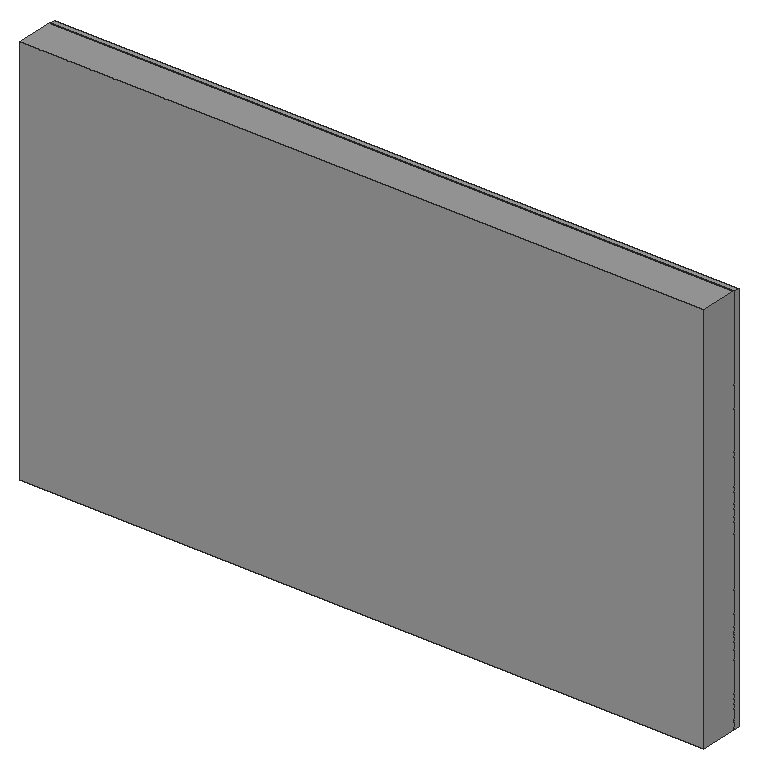
Revit family "Pluraluce M LED 1-s Sentr (skrått 45 grader ned mot høyre_veggmontasje)", category Lighting Fixtures, Revit 2013
Parameters (values of type "20m")
  Width = 10 mm
  Wattage Comments = "17 W"
  Wattage = 9.2903 W
  built-in parameter 1150110 = 1 (stored number, unit not read)
  Voltage = 230 V
  URL = ""
  built-in parameter 1114217 = 1 (stored number, unit not read)
  Tilt Angle = 90.00°
  built-in parameter 1150109 = 1 (stored number, unit not read)
  built-in parameter 1150134 = 3
  Symbol Positive Direction [instance] = yes
  Symbol Offset Side [instance] = 0 mm
  Symbol Offset Out [instance] = 0 mm
  built-in parameter 1150113 = 1 (stored number, unit not read)
  Reference Line Out [instance] = 50 mm
  Photometric Web File = "20x42A12.ies"
  Number of Poles = 1
  built-in parameter 1150105 = 109.82 (stored number, unit not read)
  Lumens = 1380 lm
  built-in parameter 1150115 = 1 (stored number, unit not read)
  Load Classification [instance] = Other
  Model = ""
  Manufacturer = ""
  built-in parameter 1150137 = (empty or 0)
  built-in parameter 1150139 = (empty or 0)
  Length 1 = Length - 30 mm  # 205 mm
  Length = 235 mm
  built-in parameter 1150112 = 1 (stored number, unit not read)
  built-in parameter 1150114 = 1 (stored number, unit not read)
  Lamp = "1"
  built-in parameter 1150132 = (empty or 0)
  built-in parameter 1150102 = (empty or 0)
  built-in parameter 1150107 = 3200 (stored number, unit not read)
  built-in parameter 1150138 = (empty or 0)
  built-in parameter 1150106 = 1.0982 (stored number, unit not read)
  Height 1 = Height - 30 mm  # 105 mm
  Height = 135 mm
  Emit from Rectangle Width = Height  # 135 mm
  Emit from Rectangle Length = Length  # 235 mm
  Emit Shape Visible in Rendering = no
  built-in parameter 1150104 = 13.8 (stored number, unit not read)
  Dimming Lamp Color Temperature Shift = <None>
  Description = ""
  Color Filter = 16777215
  Body Material and Colour = Default
  built-in parameter 1114218 = 1 (stored number, unit not read)
  built-in parameter 1150133 = 10 (stored number, unit not read)
  Assembly Code = ""
  Apparent Load = 17 VA
  30m = no
  20m = yes
Types (2, lengths in mm): name | Reference Line Out | Length 1 | Length | Height 1 | Height | Emit from Rectangle Width | Emit from Rectangle Length | 30m | 20m
  20m | 50 | 205 | 235 | 105 | 135 | 135 | 235 | no | yes
  30m | 139.852 | 305 | 335 | 155 | 185 | 185 | 335 | yes | no
Reference planes
  plane 1 "Light Source Axis (F/B)": y = 119.961
  plane 2 "Top": z = 83
  plane 3 "Light Source Axis (L/R)": x = 0
  plane 4 "Level": z = 0
  plane 5 "Bottom": z = -135
  plane 6: x = -117.5
  plane 7: x = 117.5
  plane 8: y = 132.961
  plane 9: y = 134.961
  plane 10: z = -15
  plane 11: x = -102.5
  plane 12: x = 102.5
  plane 13: z = -67.5
  plane 14: z = -120
Forms (mm)
  Extrusion 1, solid, material "Default" <- "Body Material and Colour"
    sketch origin (0, 119.961, 0) x (1, 0, 0) y (0, 0, 1)
      loop
        line (-117.5, 0) -> (-117.5, -135) -> (117.5, -135) -> (117.5, 0) -> (-117.5, 0)
    from 0 to -13
  Extrusion 2, solid, material "Default" <- "Body Material and Colour"
    sketch origin (0, 119.961, 0) x (1, 0, 0) y (0, 0, 1)
      loop
        line (-117.5, 0) -> (-117.5, -135) -> (117.5, -135) -> (117.5, 0) -> (-117.5, 0)
      loop
        line (-102.5, -15) -> (-102.5, -120) -> (102.5, -120) -> (102.5, -15) -> (-102.5, -15)
    from -15 to -13
Lines and regions (mm)
  model lines, style "InvisibleLines"
    curve 1: line (0, 119.961, 0) -> (0, 169.961, 0)
Dimensions and locks
  equal spacing: plane 6, plane 3 "Light Source Axis (L/R)", plane 7
  "Length": plane 6 to plane 7
  plane 8 to plane 1 "Light Source Axis (F/B)" = 13 mm
  locked: plane 9 to plane 8 at 2
  equal spacing: plane 4 "Level", plane 13, plane 5 "Bottom"
  "Height": plane 4 "Level" to plane 5 "Bottom"
  equal spacing: plane 11, plane 3 "Light Source Axis (L/R)", plane 12
  "Length 1": plane 11 to plane 12
  equal spacing: plane 10, plane 13, plane 14
  "Height 1": plane 10 to plane 14
  locked: plane 1 "Light Source Axis (F/B)" to plane 9 at 15
  "Reference Line Out": plane 1 "Light Source Axis (F/B)" to curve 1
  aligned and locked: plane 4 "Level" to level
  aligned and locked: plane 8 to nested 2
  aligned and locked: nested 2 to plane 13
  aligned and locked: plane 3 "Light Source Axis (L/R)" to nested 3
  aligned and locked: plane 1 "Light Source Axis (F/B)" to nested 3
  aligned and locked: plane 8 to nested 1
  aligned and locked: plane 4 "Level" to Extrusion 1 sketch curve
  aligned and locked: plane 6 to Extrusion 1 sketch curve
  aligned and locked: plane 5 "Bottom" to Extrusion 1 sketch curve
  aligned and locked: Extrusion 1 sketch curve to plane 7
  aligned and locked: Extrusion 1 to plane 8
  aligned and locked: plane 1 "Light Source Axis (F/B)" to Extrusion 1
  aligned and locked: plane 4 "Level" to Extrusion 2 sketch curve
  aligned and locked: Extrusion 2 sketch curve to plane 7
  aligned and locked: plane 5 "Bottom" to Extrusion 2 sketch curve
  aligned and locked: plane 6 to Extrusion 2 sketch curve
  aligned and locked: Extrusion 2 sketch curve to plane 10
  aligned and locked: plane 11 to Extrusion 2 sketch curve
  aligned and locked: plane 14 to Extrusion 2 sketch curve
  aligned and locked: Extrusion 2 sketch curve to plane 12
  aligned and locked: plane 8 to Extrusion 2
  aligned and locked: Extrusion 2 to plane 9
  aligned and locked: nested 1 to plane 13
  aligned and locked: plane 13 to imposter light
  aligned and locked: imposter light to plane 9
  aligned and locked: plane 1 "Light Source Axis (F/B)" to curve 1
  aligned and locked: plane 3 "Light Source Axis (L/R)" to curve 1
Nested families
  nested 1: "20m_skrått 45 grader ned mot høyre" at (0, 132.961, -67.5), visible <- "20m", type "20m"
  nested 2: "30m_skrått 45 grader ned mot høyre" at (0, 132.961, -67.5), visible <- "30m", type "30m"
  nested 3: "MarkeringslysS" at (0, 119.961, 0), type "Type 1"
Connectors
  electrical at (0, 119.961, 0), driven by "Number of Poles", driven by "Voltage", driven by "Apparent Load", driven by "Load Classification"
    settings: index 1, voltage 230 V, apparent load 0 VA, apparent load phase1 17 VA, apparent load phase2 0 VA, apparent load phase3 0 VA, power factor 1, load classification "Other", number of poles 1, system type 31, power factor state 1, is connector primary yes, connector utility no, sub classification motor no, connector description ""
Definition of nested family "20m_skrått 45 grader ned mot høyre"
  Parameters (values of type "20m")
    Material = yes
    L = 205 mm
    H = 135 mm
  Reference planes
    plane 1 "Center (Front/Back)": y = 0
    plane 2: z = 0
    plane 3 "Center (Left/Right)": x = 0
    plane 4: y = -2
  Forms (mm)
    Extrusion 1, solid, material "Green", visible <- "Material"
      sketch origin (453.48, 0, -265.275) x (1, 0, 0) y (0, 0, 1)
        loop
          line (-555.98, 317.775) -> (-555.98, 212.775) -> (-350.98, 212.775) -> (-350.98, 317.775) -> (-555.98, 317.775)
        loop
          line (-492.493, 242.294) -> (-484.382, 250.405) -> (-503.308, 250.405) -> (-469.512, 284.2) -> (-477.623, 292.311) -> (-511.419, 258.516) -> (-511.419, 277.441) -> (-519.53, 269.33) -> (-519.53, 242.294) -> (-492.493, 242.294)
        loop
          circle (-437.193, 303.483) r 7
        loop
          line (-431.459, 291.17) -> (-435.11, 287.519) -> (-431.017, 280.43) -> (-442.639, 270.677)
          arc (-442.639, 270.677) -> (-443.324, 269.361) -> (-442.878, 267.946) r 1.939
          line (-442.878, 267.946) -> (-441.216, 265.965)
          arc (-441.216, 265.965) -> (-439.9, 265.28) -> (-438.485, 265.726) r 1.939
          line (-438.485, 265.726) -> (-427.735, 274.746) -> (-422.813, 266.22) -> (-434.103, 256.746) -> (-434.103, 225.892)
          arc (-434.103, 225.892) -> (-433.157, 223.607) -> (-430.872, 222.661) r 3.232
          line (-430.872, 222.661) -> (-427.64, 222.661)
          arc (-427.64, 222.661) -> (-425.355, 223.607) -> (-424.409, 225.892) r 3.232
          line (-424.409, 225.892) -> (-424.409, 252.226) -> (-417.891, 257.695) -> (-412.727, 248.752) -> (-379.165, 248.752)
          arc (-379.165, 248.752) -> (-376.88, 249.699) -> (-375.934, 251.984) r 3.232
          line (-375.934, 251.984) -> (-375.934, 255.215)
          arc (-375.934, 255.215) -> (-376.88, 257.5) -> (-379.165, 258.447) r 3.232
          line (-379.165, 258.447) -> (-395.935, 258.447) -> (-412.211, 286.638) -> (-395.394, 283.363) -> (-389.337, 272.872)
          arc (-389.337, 272.872) -> (-388.11, 271.956) -> (-386.602, 272.215) r 1.939
          line (-386.602, 272.215) -> (-384.363, 273.669)
          arc (-384.363, 273.669) -> (-383.522, 274.892) -> (-383.792, 276.351) r 1.939
          line (-383.792, 276.351) -> (-392.221, 289.33) -> (-425.848, 295.878) -> (-431.459, 291.17)
      from 0 to 2
  Dimensions and locks
    aligned and locked: level to plane 2
Definition of nested family "30m_skrått 45 grader ned mot høyre"
  Parameters (values of type "30m")
    Material = yes
    L = 425.577 mm
    H = 260 mm
  Reference planes
    plane 1 "Center (Front/Back)": y = 0
    plane 2: z = 0
    plane 3 "Center (Left/Right)": x = 0
    plane 4: y = -2
  Forms (mm)
    Extrusion 1, solid, material "Green", visible <- "Material"
      sketch origin (0, 0, 0) x (1, 0, 0) y (0, 0, 1)
        loop
          line (-152.5, 77.5) -> (-152.5, -77.5) -> (152.5, -77.5) -> (152.5, 77.5) -> (-152.5, 77.5)
        loop
          line (-69.712, -40.069) -> (-55.57, -25.927) -> (-88.568, -25.927) -> (-29.642, 32.998) -> (-43.785, 47.14) -> (-102.71, -11.785) -> (-102.71, 21.213) -> (-116.852, 7.071) -> (-116.852, -40.069) -> (-69.712, -40.069)
        loop
          circle (34.197, 48.678) r 8.988
        loop
          line (41.559, 32.868) -> (36.872, 28.181) -> (42.127, 19.078) -> (27.204, 6.556)
          arc (27.204, 6.556) -> (26.324, 4.865) -> (26.897, 3.048) r 2.49
          line (26.897, 3.048) -> (29.031, 0.505)
          arc (29.031, 0.505) -> (30.721, -0.375) -> (32.538, 0.198) r 2.49
          line (32.538, 0.198) -> (46.341, 11.78) -> (52.661, 0.833) -> (38.164, -11.332) -> (38.164, -50.949)
          arc (38.164, -50.949) -> (39.379, -53.883) -> (42.313, -55.098) r 4.149
          line (42.313, -55.098) -> (46.463, -55.098)
          arc (46.463, -55.098) -> (49.397, -53.883) -> (50.612, -50.949) r 4.149
          line (50.612, -50.949) -> (50.612, -17.137) -> (58.981, -10.114) -> (65.611, -21.597) -> (108.705, -21.597)
          arc (108.705, -21.597) -> (111.639, -20.381) -> (112.855, -17.447) r 4.149
          line (112.855, -17.447) -> (112.855, -13.298)
          arc (112.855, -13.298) -> (111.639, -10.364) -> (108.705, -9.148) r 4.149
          line (108.705, -9.148) -> (87.172, -9.148) -> (66.274, 27.049) -> (87.867, 22.844) -> (95.645, 9.373)
          arc (95.645, 9.373) -> (97.22, 8.197) -> (99.157, 8.53) r 2.49
          line (99.157, 8.53) -> (102.032, 10.397)
          arc (102.032, 10.397) -> (103.111, 11.967) -> (102.764, 13.841) r 2.49
          line (102.764, 13.841) -> (91.942, 30.506) -> (48.764, 38.913) -> (41.559, 32.868)
      from 0 to 2
  Dimensions and locks
    aligned and locked: level to plane 2
    aligned and locked: plane 4 to Extrusion 1
    aligned and locked: Extrusion 1 to plane 1 "Center (Front/Back)"
    aligned and locked: Extrusion 1 to plane 4
Definition of nested family "MarkeringslysS"
  Parameters (values of type "Type 1")
    CQ Symbol Positive Direction = yes
    CQ Symbol Negative Direction = not(CQ Symbol Positive Direction)  # no
    CQ Symbol Offset Side = 0 mm
    CQ Symbol Offset Out = 0 mm
  Reference planes
    plane 1: y = 0
    plane 2: x = 0
  Dimensions and locks
    "CQ Symbol Offset Out": plane 1 to nested 1
    "CQ Symbol Offset Out": plane 1 to nested 2
    "CQ Symbol Offset Side": plane 2 to nested 2
    "CQ Symbol Offset Side": nested 1 to plane 2
  Nested families
    nested 1: "LedelysSub" at (0, 0, 0), visible <- "CQ Symbol Negative Direction", type "Type 1"
    nested 2: "LedelysSub" at (0, 0, 0), visible <- "CQ Symbol Positive Direction", type "Type 1"
  Definition of nested family "LedelysSub"
    Reference planes
      plane 1: y = 0
      plane 2: x = 0
    Lines and regions (mm)
      Filled region 1, type "Filled region 1"
        outline origin (64.576, 53.459, 0) x (1, 0, 0) y (0, 1, 0)
          loop
            arc (-65.575, -52.307) -> (-65.224, -51.459) -> (-65.575, -50.61) r 1.2
            line (-65.575, -50.61) -> (-66.424, -51.459) -> (-65.575, -52.307)
      Filled region 2, type "Filled region 1"
        outline origin (-68.271, 53.459, 0) x (0, 1, 0) y (-1, 0, 0)
          loop
            line (-52.307, -65.575) -> (-51.459, -66.424) -> (-50.61, -65.575)
            arc (-50.61, -65.575) -> (-51.459, -65.224) -> (-52.307, -65.575) r 1.2
      detail lines
        curve 1: line (-4, 0, 0) -> (4, 0, 0)
        curve 2: line (4, 0, 0) -> (4, 4, 0)
        curve 3: line (4, 4, 0) -> (-4, 4, 0)
        curve 4: line (-4, 4, 0) -> (-4, 0, 0)
        curve 5: line (-3.097, 0.75, 0) -> (-0.597, 3.25, 0)
        curve 6: line (-3.097, 3.25, 0) -> (-0.597, 0.75, 0)
        curve 7: circle (-1.847, 2, 0) r 1.2 normal (0, 0, 1)
    Text (mm)
      text "ML" at (2.179, 3.025, 0)
    Dimensions and locks
      aligned and locked: Filled region 1 sketch curve to curve 7
